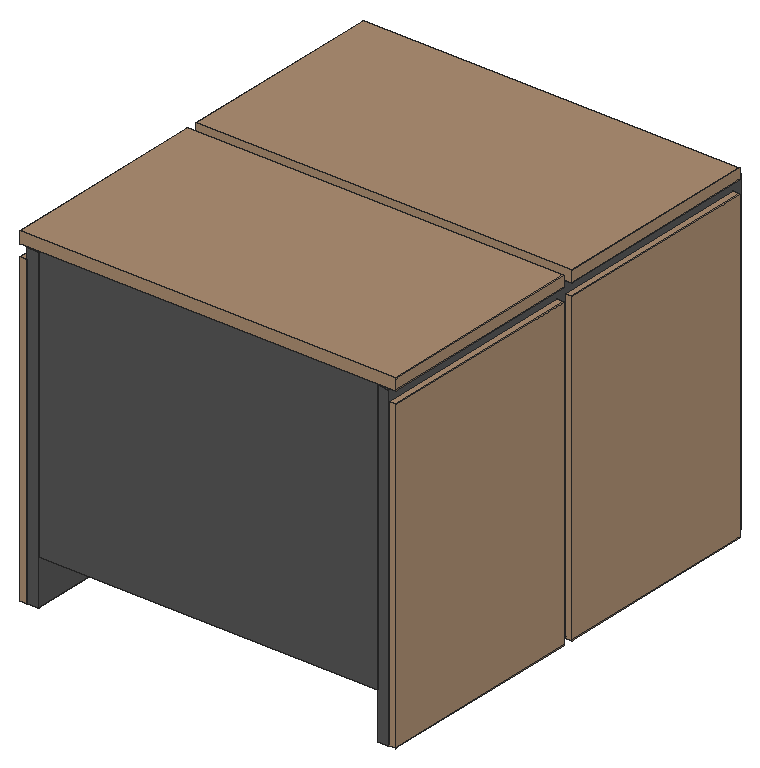
Revit family "Sanitary_Compound-Units_hansgrohe_54252XXX-Xilesa-E-Vanity-unit_530-470_2-drawer_wash-basin", category Furniture, host Face, Revit 2022
Family settings
  Host = Face
  OmniClass Number = 23.21.19.15.33.13
  OmniClass Title = Residential Bathroom Specialty Casework
  Cut with Voids When Loaded = No
  Render Appearance Source = Family Geometry
  Shared = No
  Room Calculation Point = No
Parameters (values of type "550 Cashmere Oak")
  Version = 1  # constant formula
  URL = "https://www.hansgrohe.com/"
  Product data url = "https://www.bimobject.com/en/hansgrohe/product/54252XXX"
  Product Page URL = "https://www.hansgrohe.com/articledetail--54252550"
  Model = "54252XXX"  # constant formula
  Material 3 = Hansgrohe - Metal - Black
  Material 2 = Hansgrohe - MDF - Matt Black
  Material 1 = Hansgrohe - MDF - 550 Cashmere Oak
  Manufacturer = "Hansgrohe"  # constant formula
  Height = 0 mm
  Description = "Xilesa E Vanity unit 530/470 with 2 drawers for wash basin"  # constant formula
  Default Elevation = 0 mm
  Date Updated = ""
  Date Created = "2024/02/03"  # constant formula
Types (5, lengths in mm): name | Material 1
  (no name) | Hansgrohe - MDF - 550 Cashmere Oak
  550 Cashmere Oak | Hansgrohe - MDF - 550 Cashmere Oak
  700 Matt White | Hansgrohe - MDF - 700 Matt White
  760 Slate Matt Grey | Hansgrohe - MDF - 760 Slate Matt Grey
  780 Sand Matt Beige | Hansgrohe - MDF - 780 Sand Matt Beige
Reference planes
  plane 1 "Center (Front/Back)": y = 0
  plane 2: z = 0
  plane 3 "Center (Left/Right)": x = 0
  plane 4: x = -265
  plane 5: x = 265
  plane 6: y = -620
  plane 7: z = 468
Dimensions and locks
  aligned and locked: plane 2 to host face
  aligned and locked: level to host face
Nested families
  nested 1: "54252XXX" at (0, -620, 0) x (1, 0, 0) z (0, 1, 0), Material 1 <- "Material 1", Material 2 <- "Material 2", Material 3 <- "Material 3", type "54252XXX"
    with Material 3 Hansgrohe - Metal - Black, Material 2 Hansgrohe - MDF - Matt Black, Material 1 Hansgrohe - MDF - 550 Cashmere Oak
Definition of nested family "54252XXX"
  Parameters (values of type "54252XXX")
    Version = 1  # constant formula
    URL = "https://www.hansgrohe.com/"
    Product data url = "https://www.bimobject.com/en/hansgrohe/product/54252XXX"
    Product Page URL = "https://www.hansgrohe.com/articledetail--54252550"
    Model = "54252XXX"  # constant formula
    Material 3 [instance] = none
    Material 2 [instance] = none
    Material 1 [instance] = none
    Manufacturer = "Hansgrohe"  # constant formula
    Description = "Xilesa E Vanity unit 530/470 with 2 drawers for wash basin"  # constant formula
    Default Elevation = 1219.2 mm
    Date Updated = ""
    Date Created = "2024/12/16"  # constant formula
  Reference planes
    plane 1 "Center (Front/Back)": y = 0
    plane 2: z = 0
    plane 3 "Center (Left/Right)": x = 0
  Forms (mm)
    Extrusion 1, solid, material <- "Material 1", detail levels medium+fine
      sketch origin (0, 0, 0) x (1, 0, 0) y (0, 1, 0)
        loop
          line (-255.6, 0) -> (-264.2, 0)
          arc (-264.2, 0) -> (-264.766, -0.234) -> (-265, -0.8) r 0.8
          line (-265, -0.8) -> (-265, -433.9)
          arc (-265, -433.9) -> (-264.766, -434.466) -> (-264.2, -434.7) r 0.8
          line (-264.2, -434.7) -> (-255.6, -434.7)
          arc (-255.6, -434.7) -> (-255.034, -434.466) -> (-254.8, -433.9) r 0.8
          line (-254.8, -433.9) -> (-254.8, -0.8)
          arc (-254.8, -0.8) -> (-255.034, -0.234) -> (-255.6, 0) r 0.8
        loop
          arc (255.6, 0) -> (255.034, -0.234) -> (254.8, -0.8) r 0.8
          line (254.8, -0.8) -> (254.8, -433.9)
          arc (254.8, -433.9) -> (255.034, -434.466) -> (255.6, -434.7) r 0.8
          line (255.6, -434.7) -> (264.2, -434.7)
          arc (264.2, -434.7) -> (264.766, -434.466) -> (265, -433.9) r 0.8
          line (265, -433.9) -> (265, -0.8)
          arc (265, -0.8) -> (264.766, -0.234) -> (264.2, 0) r 0.8
          line (264.2, 0) -> (255.6, 0)
      from 0 to 295
    Extrusion 2, solid, material <- "Material 1", detail levels medium+fine
      sketch origin (0, -90, 0) x (1, 0, 0) y (0, 1, 0)
        loop
          line (-264.2, -378) -> (264.2, -378)
          arc (264.2, -378) -> (264.766, -377.766) -> (265, -377.2) r 0.8
          line (265, -377.2) -> (265, -362.5)
          arc (265, -362.5) -> (264.766, -361.934) -> (264.2, -361.7) r 0.8
          line (264.2, -361.7) -> (-264.2, -361.7)
          arc (-264.2, -361.7) -> (-264.766, -361.934) -> (-265, -362.5) r 0.8
          line (-265, -362.5) -> (-265, -377.2)
          arc (-265, -377.2) -> (-264.766, -377.766) -> (-264.2, -378) r 0.8
      from 0 to 295
    Extrusion 3, solid, material <- "Material 2", detail levels medium+fine
      sketch origin (0, 0, 0) x (1, 0, 0) y (0, 1, 0)
        loop
          line (-254.8, -0.8) -> (-254.8, -448.9)
          arc (-254.8, -448.9) -> (-254.566, -449.466) -> (-254, -449.7) r 0.8
          line (-254, -449.7) -> (-239.6, -449.7)
          arc (-239.6, -449.7) -> (-239.034, -449.466) -> (-238.8, -448.9) r 0.8
          line (-238.8, -448.9) -> (-238.8, -0.8)
          arc (-238.8, -0.8) -> (-239.034, -0.234) -> (-239.6, 0) r 0.8
          line (-239.6, 0) -> (-254, 0)
          arc (-254, 0) -> (-254.566, -0.234) -> (-254.8, -0.8) r 0.8
        loop
          arc (254.8, -0.8) -> (254.566, -0.234) -> (254, 0) r 0.8
          line (254, 0) -> (239.6, 0)
          arc (239.6, 0) -> (239.034, -0.234) -> (238.8, -0.8) r 0.8
          line (238.8, -0.8) -> (238.8, -448.9)
          arc (238.8, -448.9) -> (239.034, -449.466) -> (239.6, -449.7) r 0.8
          line (239.6, -449.7) -> (254, -449.7)
          arc (254, -449.7) -> (254.566, -449.466) -> (254.8, -448.9) r 0.8
          line (254.8, -448.9) -> (254.8, -0.8)
      from 0 to 620
    Extrusion 4, solid, material <- "Material 2", detail levels fine
      sketch origin (0, 0, 0) x (1, 0, 0) y (0, 1, 0)
        loop
          line (-238.8, -65.2) -> (-238.8, -81.2) -> (238.8, -81.2) -> (238.8, -65.2) -> (-238.8, -65.2)
      from 17 to 125
    Extrusion 5, solid, material <- "Material 2", detail levels fine
      sketch origin (0, 0, 0) x (1, 0, 0) y (0, 1, 0)
        loop
          line (-238.8, -64.7) -> (-238.8, -451.7) -> (238.8, -451.7) -> (238.8, -64.7) -> (-238.8, -64.7)
      from 1 to 17
    Extrusion 6, solid, material <- "Material 2", detail levels fine
      sketch origin (0, -90, 0) x (1, 0, 0) y (0, 1, 0)
        loop
          line (-237.3, -356.9) -> (-237.3, -329.2) -> (-238.8, -329.2) -> (-238.8, -356.9)
          arc (-238.8, -356.9) -> (-238.126, -358.527) -> (-236.5, -359.2) r 2.3
          line (-236.5, -359.2) -> (236.5, -359.2)
          arc (236.5, -359.2) -> (238.126, -358.527) -> (238.8, -356.9) r 2.3
          line (238.8, -356.9) -> (238.8, -329.2) -> (237.3, -329.2) -> (237.3, -356.9)
          arc (237.3, -356.9) -> (237.066, -357.466) -> (236.5, -357.7) r 0.8
          line (236.5, -357.7) -> (-236.5, -357.7)
          arc (-236.5, -357.7) -> (-237.066, -357.466) -> (-237.3, -356.9) r 0.8
      from 569.5 to 619.5
    Extrusion 7, solid, material <- "Material 3", detail levels fine
      sketch origin (25, 0, 1) x (1, 0, 0) y (0, 0, 1)
        loop
          line (198.3, 213.03) -> (198.3, 231.03) -> (183.3, 231.03) -> (183.3, 224.03) -> (192.95, 224.03) -> (192.95, 213.03) -> (198.3, 213.03)
      from 88.7 to 361.7
    Extrusion 8, solid, material <- "Material 3", detail levels fine
      sketch origin (25, 0, 1) x (1, 0, 0) y (0, 0, 1)
        loop
          line (200.05, 211.28) -> (200.05, 232.78) -> (181.55, 232.78) -> (181.55, 211.28) -> (200.05, 211.28)
      from 451.7 to 361.7
    Extrusion 9, solid, material <- "Material 3", detail levels fine
      sketch origin (0, 0, 1) x (1, 0, 0) y (0, 0, 1)
        loop
          line (-217.5, 223.8) -> (-217.5, 113.608) -> (-223.2, 97.947) -> (-223.2, 48) -> (-194.9, 48) -> (-194.9, 223.8) -> (-217.5, 223.8)
        loop
          line (217.5, 223.8) -> (194.9, 223.8) -> (194.9, 48) -> (223.2, 48) -> (223.2, 97.947) -> (217.5, 113.608) -> (217.5, 223.8)
      from 91.9 to 109.4
    Extrusion 10, void
      sketch origin (0, 0, 1) x (1, 0, 0) y (0, 0, 1)
        loop
          line (-216.5, 222.8) -> (-216.5, 113.431) -> (-222.2, 97.771) -> (-222.2, 49) -> (-195.9, 49) -> (-195.9, 222.8) -> (-216.5, 222.8)
        loop
          line (216.5, 222.8) -> (195.9, 222.8) -> (195.9, 49) -> (222.2, 49) -> (222.2, 97.771) -> (216.5, 113.431) -> (216.5, 222.8)
      from 91.9 to 108.7
    Extrusion 11, solid, material <- "Material 2", detail levels fine
      sketch origin (0, 0, 0) x (0, 1, 0) y (0, 0, 1)
        loop
          line (-92.7, 35.48) -> (-92.7, 114.5)
          arc (-92.7, 114.5) -> (-92.847, 114.854) -> (-93.2, 115) r 0.5
          line (-93.2, 115) -> (-108.2, 115)
          arc (-108.2, 115) -> (-108.554, 114.854) -> (-108.7, 114.5) r 0.5
          line (-108.7, 114.5) -> (-108.7, 35.48)
          arc (-108.7, 35.48) -> (-108.554, 35.126) -> (-108.2, 34.98) r 0.5
          line (-108.2, 34.98) -> (-93.2, 34.98)
          arc (-93.2, 34.98) -> (-92.847, 35.126) -> (-92.7, 35.48) r 0.5
      from -195 to 195
    Extrusion 12, solid, material <- "Material 3", detail levels fine
      sketch origin (-25, 0, 1) x (-1, 0, 0) y (0, 0, -1)
        loop
          line (198.3, -213.03) -> (192.95, -213.03) -> (192.95, -224.03) -> (183.3, -224.03) -> (183.3, -231.03) -> (198.3, -231.03) -> (198.3, -213.03)
      from 88.7 to 361.7
    Extrusion 13, solid, material <- "Material 3", detail levels fine
      sketch origin (-25, 0, 1) x (-1, 0, 0) y (0, 0, -1)
        loop
          line (200.05, -211.28) -> (181.55, -211.28) -> (181.55, -232.78) -> (200.05, -232.78) -> (200.05, -211.28)
      from 451.7 to 361.7
    Extrusion 14, solid, material <- "Material 1", detail levels coarse
      sketch origin (0, 0, 0) x (1, 0, 0) y (0, 1, 0)
        loop
          line (-265, -468) -> (265, -468) -> (265, 0) -> (238.8, 0) -> (238.8, -451.7) -> (-238.8, -451.7) -> (-238.8, 0) -> (-265, 0) -> (-265, -468)
      from 0 to 620
    Extrusion 15, solid, material <- "Material 1", detail levels medium+fine
      sketch origin (0, 0, 0) x (1, 0, 0) y (0, 1, 0)
        loop
          line (-255.6, 0) -> (-264.2, 0)
          arc (-264.2, 0) -> (-264.766, -0.234) -> (-265, -0.8) r 0.8
          line (-265, -0.8) -> (-265, -433.9)
          arc (-265, -433.9) -> (-264.766, -434.466) -> (-264.2, -434.7) r 0.8
          line (-264.2, -434.7) -> (-255.6, -434.7)
          arc (-255.6, -434.7) -> (-255.034, -434.466) -> (-254.8, -433.9) r 0.8
          line (-254.8, -433.9) -> (-254.8, -0.8)
          arc (-254.8, -0.8) -> (-255.034, -0.234) -> (-255.6, 0) r 0.8
        loop
          arc (255.6, 0) -> (255.034, -0.234) -> (254.8, -0.8) r 0.8
          line (254.8, -0.8) -> (254.8, -433.9)
          arc (254.8, -433.9) -> (255.034, -434.466) -> (255.6, -434.7) r 0.8
          line (255.6, -434.7) -> (264.2, -434.7)
          arc (264.2, -434.7) -> (264.766, -434.466) -> (265, -433.9) r 0.8
          line (265, -433.9) -> (265, -0.8)
          arc (265, -0.8) -> (264.766, -0.234) -> (264.2, 0) r 0.8
          line (264.2, 0) -> (255.6, 0)
      from 310 to 605
    Extrusion 16, solid, material <- "Material 1", detail levels medium+fine
      sketch origin (0, -90, 0) x (1, 0, 0) y (0, 1, 0)
        loop
          line (-264.2, -378) -> (264.2, -378)
          arc (264.2, -378) -> (264.766, -377.766) -> (265, -377.2) r 0.8
          line (265, -377.2) -> (265, -362.5)
          arc (265, -362.5) -> (264.766, -361.934) -> (264.2, -361.7) r 0.8
          line (264.2, -361.7) -> (-264.2, -361.7)
          arc (-264.2, -361.7) -> (-264.766, -361.934) -> (-265, -362.5) r 0.8
          line (-265, -362.5) -> (-265, -377.2)
          arc (-265, -377.2) -> (-264.766, -377.766) -> (-264.2, -378) r 0.8
      from 310 to 605
    Extrusion 17, solid, material <- "Material 2", detail levels fine
      sketch origin (0, 0, 311) x (1, 0, 0) y (0, 0, 1)
        loop
          line (-172.898, 33.98) -> (172.898, 33.98) -> (197.898, 33.98) -> (197.898, 48.98) -> (-197.898, 48.98) -> (-197.898, 33.98) -> (-172.898, 33.98)
      from 109.4 to 451.7
    Extrusion 18, solid, material <- "Material 3", detail levels fine
      sketch origin (25, 0, 311) x (1, 0, 0) y (0, 0, 1)
        loop
          line (198.3, 213.03) -> (198.3, 231.03) -> (183.3, 231.03) -> (183.3, 224.03) -> (192.95, 224.03) -> (192.95, 213.03) -> (198.3, 213.03)
      from 88.7 to 361.7
    Extrusion 19, solid, material <- "Material 3", detail levels fine
      sketch origin (25, 0, 311) x (1, 0, 0) y (0, 0, 1)
        loop
          line (200.05, 211.28) -> (200.05, 232.78) -> (181.55, 232.78) -> (181.55, 211.28) -> (200.05, 211.28)
      from 451.7 to 361.7
    Extrusion 20, solid, material <- "Material 3", detail levels fine
      sketch origin (0, 0, 311) x (1, 0, 0) y (0, 0, 1)
        loop
          line (-217.5, 223.8) -> (-217.5, 113.608) -> (-223.2, 97.947) -> (-223.2, 48) -> (-194.9, 48) -> (-194.9, 223.8) -> (-217.5, 223.8)
        loop
          line (217.5, 223.8) -> (194.9, 223.8) -> (194.9, 48) -> (223.2, 48) -> (223.2, 97.947) -> (217.5, 113.608) -> (217.5, 223.8)
      from 91.9 to 109.4
    Extrusion 21, void
      sketch origin (0, 0, 311) x (1, 0, 0) y (0, 0, 1)
        loop
          line (-216.5, 222.8) -> (-216.5, 113.431) -> (-222.2, 97.771) -> (-222.2, 49) -> (-195.9, 49) -> (-195.9, 222.8) -> (-216.5, 222.8)
        loop
          line (216.5, 222.8) -> (195.9, 222.8) -> (195.9, 49) -> (222.2, 49) -> (222.2, 97.771) -> (216.5, 113.431) -> (216.5, 222.8)
      from 91.9 to 108.7
    Extrusion 22, solid, material <- "Material 3", detail levels fine
      sketch origin (-25, 0, 311) x (-1, 0, 0) y (0, 0, -1)
        loop
          line (198.3, -213.03) -> (192.95, -213.03) -> (192.95, -224.03) -> (183.3, -224.03) -> (183.3, -231.03) -> (198.3, -231.03) -> (198.3, -213.03)
      from 88.7 to 361.7
    Extrusion 23, solid, material <- "Material 3", detail levels fine
      sketch origin (-25, 0, 311) x (-1, 0, 0) y (0, 0, -1)
        loop
          line (200.05, -211.28) -> (181.55, -211.28) -> (181.55, -232.78) -> (200.05, -232.78) -> (200.05, -211.28)
      from 451.7 to 361.7
    Extrusion 24, solid, material <- "Material 2", detail levels fine
      sketch origin (0, -90, 0) x (1, 0, 0) y (0, 1, 0)
        loop
          line (-237.3, -356.9) -> (-237.3, -329.2) -> (-238.8, -329.2) -> (-238.8, -356.9)
          arc (-238.8, -356.9) -> (-238.126, -358.527) -> (-236.5, -359.2) r 2.3
          line (-236.5, -359.2) -> (236.5, -359.2)
          arc (236.5, -359.2) -> (238.126, -358.527) -> (238.8, -356.9) r 2.3
          line (238.8, -356.9) -> (238.8, -329.2) -> (237.3, -329.2) -> (237.3, -356.9)
          arc (237.3, -356.9) -> (237.066, -357.466) -> (236.5, -357.7) r 0.8
          line (236.5, -357.7) -> (-236.5, -357.7)
          arc (-236.5, -357.7) -> (-237.066, -357.466) -> (-237.3, -356.9) r 0.8
      from 277 to 327
    Extrusion 25, solid, material <- "Material 2", detail levels fine
      sketch origin (0, 0, 1) x (1, 0, 0) y (0, 0, 1)
        loop
          line (-197.898, 33.98) -> (197.898, 33.98) -> (197.898, 48.98) -> (-197.898, 48.98) -> (-197.898, 33.98)
      from 109.4 to 451.7
    Extrusion 26, solid, material <- "Material 2", detail levels fine
      sketch origin (0, 0, 310) x (0, 1, 0) y (0, 0, 1)
        loop
          line (-92.7, 35.48) -> (-92.7, 114.5)
          arc (-92.7, 114.5) -> (-92.847, 114.854) -> (-93.2, 115) r 0.5
          line (-93.2, 115) -> (-108.2, 115)
          arc (-108.2, 115) -> (-108.554, 114.854) -> (-108.7, 114.5) r 0.5
          line (-108.7, 114.5) -> (-108.7, 35.48)
          arc (-108.7, 35.48) -> (-108.554, 35.127) -> (-108.2, 34.98) r 0.5
          line (-108.2, 34.98) -> (-93.2, 34.98)
          arc (-93.2, 34.98) -> (-92.847, 35.127) -> (-92.7, 35.48) r 0.5
      from -195 to 195
    Extrusion 27, solid, material <- "Material 3", detail levels fine
      sketch origin (0, 0, 311) x (1, 0, 0) y (0, 0, 1)
        loop
          line (227.091, 33.98) -> (227.091, 115.48) -> (208.591, 115.48) -> (207.786, 100.114) -> (205.22, 99.98) -> (202.791, 53.623)
          arc (202.791, 53.623) -> (201.271, 50.325) -> (197.898, 48.98) r 4.9
          line (197.898, 48.98) -> (197.898, 33.98) -> (227.091, 33.98)
        loop
          line (-227.091, 33.98) -> (-197.898, 33.98) -> (-197.898, 48.98)
          arc (-197.898, 48.98) -> (-201.271, 50.325) -> (-202.791, 53.623) r 4.9
          line (-202.791, 53.623) -> (-205.22, 99.98) -> (-207.786, 100.114) -> (-208.591, 115.48) -> (-227.091, 115.48) -> (-227.091, 33.98)
      from 109.4 to 451.7
    Extrusion 28, solid, material <- "Material 3", detail levels fine
      sketch origin (0, 0, 1) x (1, 0, 0) y (0, 0, 1)
        loop
          line (227.091, 33.98) -> (227.091, 115.48) -> (208.591, 115.48) -> (207.786, 100.114) -> (205.22, 99.98) -> (202.791, 53.623)
          arc (202.791, 53.623) -> (201.271, 50.325) -> (197.898, 48.98) r 4.9
          line (197.898, 48.98) -> (197.898, 33.98) -> (227.091, 33.98)
        loop
          line (-227.091, 33.98) -> (-197.898, 33.98) -> (-197.898, 48.98)
          arc (-197.898, 48.98) -> (-201.271, 50.325) -> (-202.791, 53.623) r 4.9
          line (-202.791, 53.623) -> (-205.22, 99.98) -> (-207.786, 100.114) -> (-208.591, 115.48) -> (-227.091, 115.48) -> (-227.091, 33.98)
      from 109.4 to 451.7
  Cuts and joins
    Extrusion 10 cuts Extrusion 9
    Extrusion 21 cuts Extrusion 20
  Lines and regions (mm)
    Masking region 1
      outline origin (0, 0, 0) x (1, 0, 0) y (0, 1, 0)
        loop
          line (-265, -0.8) -> (-265, -433.9)
          arc (-265, -433.9) -> (-264.766, -434.466) -> (-264.2, -434.7) r 0.8
          line (-264.2, -434.7) -> (-255.6, -434.7)
          arc (-255.6, -434.7) -> (-255.034, -434.466) -> (-254.8, -433.9) r 0.8
          line (-254.8, -433.9) -> (-254.8, -451.7) -> (-264.2, -451.7)
          arc (-264.2, -451.7) -> (-264.766, -451.934) -> (-265, -452.5) r 0.8
          line (-265, -452.5) -> (-265, -467.2)
          arc (-265, -467.2) -> (-264.766, -467.766) -> (-264.2, -468) r 0.8
          line (-264.2, -468) -> (0, -468) -> (264.2, -468)
          arc (264.2, -468) -> (264.766, -467.766) -> (265, -467.2) r 0.8
          line (265, -467.2) -> (265, -452.5)
          arc (265, -452.5) -> (264.766, -451.934) -> (264.2, -451.7) r 0.8
          line (264.2, -451.7) -> (254.8, -451.7) -> (254.8, -433.9)
          arc (254.8, -433.9) -> (255.034, -434.466) -> (255.6, -434.7) r 0.8
          line (255.6, -434.7) -> (264.2, -434.7)
          arc (264.2, -434.7) -> (264.766, -434.466) -> (265, -433.9) r 0.8
          line (265, -433.9) -> (265, -0.8)
          arc (265, -0.8) -> (264.766, -0.234) -> (264.2, 0) r 0.8
          line (264.2, 0) -> (255.6, 0)
          arc (255.6, 0) -> (255.034, -0.234) -> (254.8, -0.8) r 0.8
          arc (254.8, -0.8) -> (254.566, -0.234) -> (254, 0) r 0.8
          line (254, 0) -> (239.6, 0)
          arc (239.6, 0) -> (239.034, -0.234) -> (238.8, -0.8) r 0.8
          line (238.8, -0.8) -> (238.8, -64.7) -> (0, -64.7) -> (-238.8, -64.7) -> (-238.8, -0.8)
          arc (-238.8, -0.8) -> (-239.034, -0.234) -> (-239.6, 0) r 0.8
          line (-239.6, 0) -> (-254, 0)
          arc (-254, 0) -> (-254.566, -0.234) -> (-254.8, -0.8) r 0.8
          arc (-254.8, -0.8) -> (-255.034, -0.234) -> (-255.6, 0) r 0.8
          line (-255.6, 0) -> (-264.2, 0)
          arc (-264.2, 0) -> (-264.766, -0.234) -> (-265, -0.8) r 0.8
    Masking region 2
      outline origin (0, 0, 0) x (0, 1, 0) y (0, 0, 1)
        loop
          line (-449.7, 620) -> (-449.7, 543.78) -> (-451.7, 543.78) -> (-451.7, 605) -> (-468, 605) -> (-468, 310) -> (-451.7, 310) -> (-451.7, 344.98) -> (-449.7, 344.98) -> (-449.7, 233.78) -> (-451.7, 233.78) -> (-451.7, 295) -> (-468, 295) -> (-468, 0) -> (-451.7, 0) -> (-451.7, 34.98) -> (-449.7, 34.98) -> (-449.7, 0) -> (0, 0) -> (0, 620) -> (-449.7, 620)
    Masking region 3
      outline origin (0, 0, 0) x (1, 0, 0) y (0, 0, 1)
        loop
          line (-265, 605) -> (-265, 310) -> (-254.8, 310) -> (-254.8, 295) -> (-265, 295) -> (-265, 0) -> (0, 0) -> (265, 0) -> (265, 295) -> (254.8, 295) -> (254.8, 310) -> (265, 310) -> (265, 605) -> (254.8, 605) -> (254.8, 620) -> (0, 620) -> (-254.8, 620) -> (-254.8, 605) -> (-265, 605)
    symbolic lines, detail levels medium+fine
      curve 1: line (-254.8, -451.7, 0) -> (0, -451.7, 0)
      curve 2: line (-238.8, -64.7, 0) -> (-238.8, -451.7, 0)
      curve 3: line (-254.8, -0.8, 0) -> (-254.8, -433.9, 0)
      curve 4: line (-238.8, -81.2, 0) -> (0, -81.2, 0)
      curve 25: line (254.8, -451.7, 0) -> (0, -451.7, 0)
      curve 26: line (238.8, -64.7, 0) -> (238.8, -451.7, 0)
      curve 27: line (254.8, -0.8, 0) -> (254.8, -433.9, 0)
      curve 28: line (238.8, -81.2, 0) -> (0, -81.2, 0)
      curve 49: line (0, -451.7, 33.98) -> (0, -451.7, 233.78)
      curve 50: line (0, -449.7, 543.78) -> (0, -449.7, 344.98)
      curve 53: line (0, -451.7, 212.28) -> (0, -449.7, 212.28)
      curve 54: line (0, -451.7, 116.48) -> (0, -449.7, 116.48)
      curve 55: line (-254.8, 0, 605) -> (254.8, 0, 605)
      curve 56: line (-238.8, 0, 620) -> (-238.8, 0, 605)
      curve 57: line (238.8, 0, 620) -> (238.8, 0, 605)
      curve 62: line (0, -451.7, 344.98) -> (0, -451.7, 543.78)
      curve 63: line (0, -449.7, 233.78) -> (0, -449.7, 33.98)
      curve 65: line (-254.8, 0, 310) -> (254.8, 0, 310)
      curve 66: line (254.8, 0, 295) -> (-254.8, 0, 295)
    symbolic lines, detail levels fine
      curve 5: line (-227.091, -81.2, 0) -> (-227.091, -447.7, 0)
      curve 6: line (-205.22, -81.2, 0) -> (-205.22, -91.9, 0)
      curve 7: line (0, -91.9, 0) -> (-208.3, -91.9, 0)
      curve 8: line (-208.3, -109.4, 0) -> (0, -109.4, 0)
      curve 9: line (-223.3, -88.7, 0) -> (-223.3, -361.7, 0)
      curve 10: line (-208.3, -88.7, 0) -> (-223.3, -88.7, 0)
      curve 11: line (-225.05, -361.7, 0) -> (-225.05, -447.7, 0)
      curve 12: line (-225.05, -361.7, 0) -> (-206.55, -361.7, 0)
      curve 13: line (-206.55, -361.7, 0) -> (-206.55, -447.7, 0)
      curve 14: line (0, -447.7, 0) -> (-236.5, -447.7, 0)
      curve 15: arc (-236.5, -447.7, 0) -> (-237.066, -447.466, 0) -> (-237.3, -446.9, 0) r 0.8
      curve 16: line (-237.3, -446.9, 0) -> (-237.3, -419.2, 0)
      curve 17: line (-237.3, -419.2, 0) -> (-238.8, -419.2, 0)
      curve 18: arc (-238.8, -446.9, 0) -> (-238.126, -448.527, 0) -> (-236.5, -449.2, 0) r 2.3
      curve 19: line (-236.5, -449.2, 0) -> (0, -449.2, 0)
      curve 20: line (-227.091, -449.2, 0) -> (-227.091, -451.7, 0)
      curve 21: line (-225.05, -449.2, 0) -> (-225.05, -451.7, 0)
      curve 22: line (-208.3, -361.7, 0) -> (-208.3, -88.7, 0)
      curve 23: line (-206.55, -449.2, 0) -> (-206.55, -451.7, 0)
      curve 24: line (-205.22, -449.2, 0) -> (-205.22, -451.7, 0)
      curve 29: line (227.091, -81.2, 0) -> (227.091, -447.7, 0)
      curve 30: line (205.22, -81.2, 0) -> (205.22, -91.9, 0)
      curve 31: line (0, -91.9, 0) -> (208.3, -91.9, 0)
      curve 32: line (208.3, -109.4, 0) -> (0, -109.4, 0)
      curve 33: line (223.3, -88.7, 0) -> (223.3, -361.7, 0)
      curve 34: line (208.3, -88.7, 0) -> (223.3, -88.7, 0)
      curve 35: line (225.05, -361.7, 0) -> (225.05, -447.7, 0)
      curve 36: line (225.05, -361.7, 0) -> (206.55, -361.7, 0)
      curve 37: line (206.55, -361.7, 0) -> (206.55, -447.7, 0)
      curve 38: line (0, -447.7, 0) -> (236.5, -447.7, 0)
      curve 39: arc (236.5, -447.7, 0) -> (237.066, -447.466, 0) -> (237.3, -446.9, 0) r 0.8
      curve 40: line (237.3, -446.9, 0) -> (237.3, -419.2, 0)
      curve 41: line (237.3, -419.2, 0) -> (238.8, -419.2, 0)
      curve 42: arc (238.8, -446.9, 0) -> (238.126, -448.527, 0) -> (236.5, -449.2, 0) r 2.3
      curve 43: line (236.5, -449.2, 0) -> (0, -449.2, 0)
      curve 44: line (227.091, -449.2, 0) -> (227.091, -451.7, 0)
      curve 45: line (225.05, -449.2, 0) -> (225.05, -451.7, 0)
      curve 46: line (208.3, -361.7, 0) -> (208.3, -88.7, 0)
      curve 47: line (206.55, -449.2, 0) -> (206.55, -451.7, 0)
      curve 48: line (205.22, -449.2, 0) -> (205.22, -451.7, 0)
      curve 51: line (0, 0, 605) -> (0, -434.7, 605)
      curve 52: line (0, -434.7, 605) -> (0, -434.7, 310)
      curve 58: line (0, -434.7, 310) -> (0, 0, 310)
      curve 59: line (0, 0, 295) -> (0, -434.7, 295)
      curve 60: line (0, -434.7, 295) -> (0, -434.7, 0)
      curve 61: line (0, -451.7, 522.28) -> (0, -449.7, 522.28)
      curve 64: line (0, -449.7, 426.5) -> (0, -451.7, 426.5)
      curve 67: line (205.22, -109.4, 0) -> (205.22, -447.7, 0)
      curve 68: line (-205.22, -109.4, 0) -> (-205.22, -447.7, 0)
  Dimensions and locks
    aligned and locked: level to plane 2
    aligned and locked: Extrusion 18 to Extrusion 19
